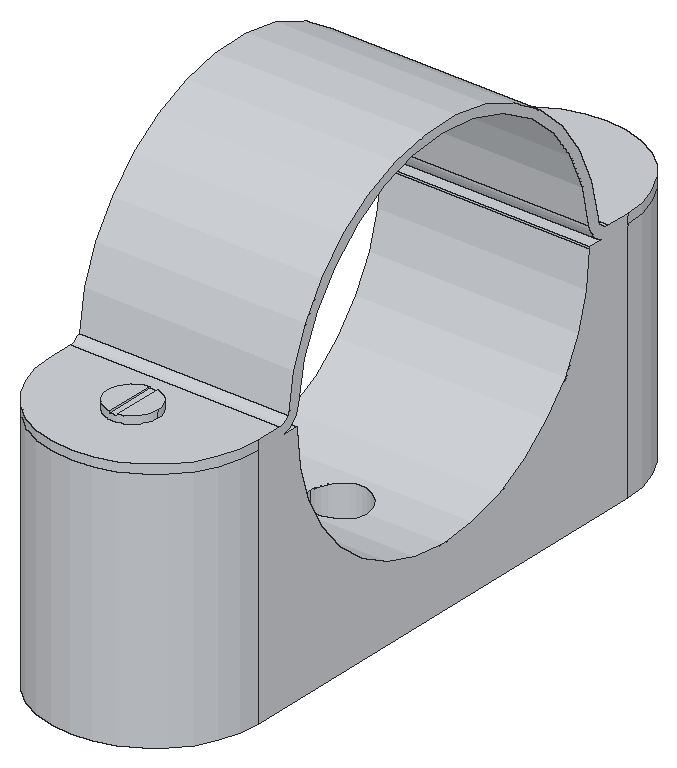
Revit family "DS5B", category Generic Models, Revit 2017
Family settings
  Can host rebar = No
  Round Connector Dimension = Use Diameter
  Part Type = Normal
  Work Plane-Based = Yes
  Always vertical = No
  Cut with Voids When Loaded = No
  Shared = No
  Room Calculation Point = No
Parameters (values of type "NBS Standard Parameters")
  Weight = "0.270Kg"
  WarrantyStartDate [instance] = "1900-12-31T23:59:59"
  WarrantyGuarantorParts = "n/a"
  WarrantyGuarantorLabor = "n/a"
  WarrantyDurationUnit = "1 year"
  WarrantyDurationParts = "n/a"
  WarrantyDurationLabor = "n/a"
  WarrantyDescription = "n/a"
  Version = "1"
  Uniclass2 = "Pr_65_70_11_20"
  TagNumber [instance] = "n/a"
  SustainabilityPerformance = "n/a"
  Size = "2\""
  Shape = "n/a"
  SerialNumber [instance] = "n/a"
  Revision = "n/a"
  ReplacementCost = "n/a"
  ProductInformation = "www.metpro.co.uk/pdf/ds5g.pdf"
  NominalWidth = 29 mm
  NominalLength = 93 mm
  NominalHeight = 60 mm
  Name = ""
  NBSTypeID = ""
  NBSReference = "90-55-10/460"
  NBSOfficeMasterTag = ""
  NBSNote = ""
  NBSDescription = "Conduit Fittings"
  NBSCertification = ""
  ModelReference = "DS5B"
  ModelNumber = "n/a"
  Material = "Cast Body, Pressed Steel Strap"
  ManufacturerURL = "www.metpro.co.uk"
  ManufacturerName = "Metpro Ltd"
  Keynote = "Comprisess of Body, Strap &  2 Screws"
  InstallationDate [instance] = "1900-12-31T23:59:59"
  IfcExportType = ""
  IfcExportAs = ""
  Grade = "n/a"
  Finish = "Black"
  Features = "n/a"
  ExpectedLife = "n/a"
  DurationUnit = "year"
  Description = "DS5B - 2\" Distance Saddle"
  Default Elevation = 1219.2 mm
  Constituents = "n/a"
  Color = "n/a"
  CodePerformance = "n/a"
  Category = "n/a"
  BarCode [instance] = "n/a"
  BIMObjectName = "metpro_metprolibrary_conduitfittings_metalcomponent_Steelaccessories"
  Author = "Metpro Limited"
  AssetType = ""
  AssetIdentifier [instance] = "n/a"
  AccessibilityPerformance = "n/a"
Reference planes
  plane 1 "Center (Front/Back)": y = 0
  plane 2: z = 0
  plane 3 "Center (Left/Right)": x = 0
Forms (mm)
  Extrusion 1, solid
    sketch origin (-227.437, 775.667, 0) x (1, 0, 0) y (0, 1, 0)
      loop
        line (7.044, 31.586) -> (7.044, -32.414)
        arc (7.044, -32.414) -> (21.544, -46.914) -> (36.044, -32.414) r 14.5
        line (36.044, -32.414) -> (36.044, 31.586)
        arc (36.044, 31.586) -> (21.544, 46.086) -> (7.044, 31.586) r 14.5
    from 0 to 34
  Extrusion 2, void
    sketch origin (-191.393, 807.253, 3.75) x (0, 1, 0) y (0, 0, -1)
      loop
        circle (-32, -30) r 25.4
    from -3.798 to 34.675
  Extrusion 3, solid
    sketch origin (-191.393, 807.253, 0) x (0, -1, 0) y (0, 0, -1)
      loop
        arc (6.742, -36.683) -> (5.765, -34.769) -> (3.759, -34) r 3
        line (3.759, -34) -> (-15.296, -34) -> (-15.296, -35.25) -> (3.313, -35.25)
        arc (3.313, -35.25) -> (4.639, -35.753) -> (5.298, -37.008) r 2
        arc (5.298, -37.008) -> (32.508, -60.645) -> (58.806, -35.997) r 26.9
        arc (58.806, -35.997) -> (59.501, -35.447) -> (60.365, -35.25) r 2
        line (60.365, -35.25) -> (79.461, -35.25) -> (79.461, -34) -> (60.241, -34)
        arc (60.241, -34) -> (58.235, -34.769) -> (57.258, -36.683) r 3
        arc (57.258, -36.683) -> (32, -59.4) -> (6.742, -36.683) r 25.4
    from -31.171 to 3
  Extrusion 4, void
    sketch origin (-191.393, 749.853, 34) x (0, 1, 0) y (-1, 0, 0)
      loop
        arc (-6.6, 29) -> (-21.1, 14.5) -> (-6.6, 0) r 14.5
        line (-6.6, 0) -> (57.4, 0)
        arc (57.4, 0) -> (71.9, 14.5) -> (57.4, 29) r 14.5
        line (57.4, 29) -> (-6.6, 29)
      loop
        line (-27.263, 38.522) -> (-27.263, -10.2) -> (77.737, -10.2) -> (77.737, 38.522) -> (-27.263, 38.522)
    from 0 to 37.53
  Extrusion 5, solid
    sketch origin (-191.393, 749.853, 35.25) x (0, -1, 0) y (1, 0, 0)
      loop
        circle (-60.464, -15) r 3.5
      loop
        circle (9.664, -15) r 3.5
    from 0 to 1.001
  Extrusion 6, void
    sketch origin (-191.393, 749.853, 36.251) x (1, 0, 0) y (0, -1, 0)
      loop
        line (-15.413, 13.549) -> (-15.413, 5.439) -> (-14.294, 5.439) -> (-14.294, 13.549) -> (-15.413, 13.549)
      loop
        line (-15.413, -64.349) -> (-14.294, -64.349) -> (-14.294, -56.239) -> (-15.413, -56.239) -> (-15.413, -64.349)
    from 0 to 0.2
  Extrusion 7, void
    sketch origin (0, 0, 0) x (1, 0, 0) y (0, 1, 0)
      loop
        circle (-205.893, 775.253) r 4
    from 0 to 23.403
Cuts and joins
  Extrusion 2, Extrusion 7 cuts Extrusion 1
  Extrusion 4, Extrusion 7 cuts Extrusion 3
  joined: Extrusion 1, Extrusion 3
  Extrusion 6 cuts Extrusion 5
Dimensions and locks
  aligned and locked: level to plane 2
